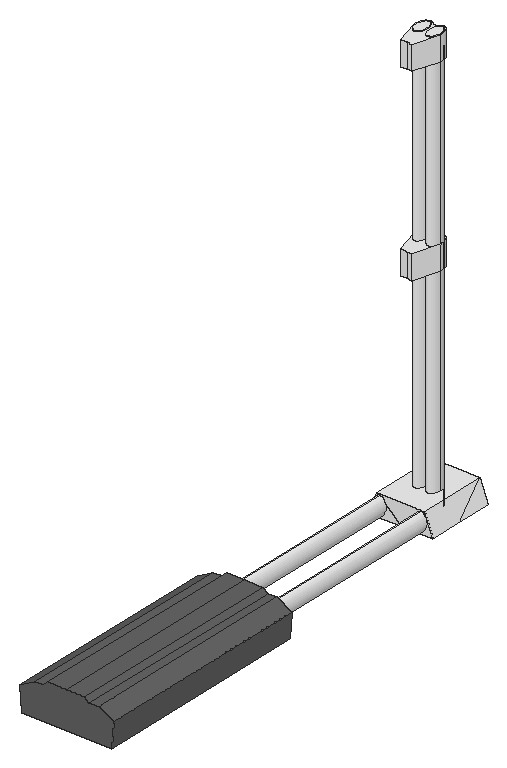
Revit family "LWplc_Latchwaysplc_BaluAndGuardSym_VersiRail_Folding", category Railings, host Face, Revit 2013
Parameters (values of type "BalustradeAndGuardingSystem_VersiRailFolding_StraightStraight_Latchwaysplc")
  WarrantyStartDate [instance] = "1900-12-31T23:59:59"
  WarrantyGuarantorParts = "n/a"
  WarrantyGuarantorLabor = "n/a"
  WarrantyDurationUnit = "year"
  WarrantyDurationParts = "n/a"
  WarrantyDurationLabor = "n/a"
  WarrantyDescription = "n/a"
  Version = "1"  # constant formula
  Uniclass2 = "Ss_25_15_60_05"
  URL = "www.latchways.com"
  Type Comments = "n/a"
  TagNumber [instance] = "n/a"
  SustainabilityPerformance = "n/a"
  SupportMaterial = LWplc_Latchwaysplc_Aluminium_Polished
  StraightUpright = yes
  StraightLeg = yes
  Size = "235 x 1310 x 1150 mm"
  Shape = "n/a"
  ServiceLifeDuration = "n/a"
  SerialNumber [instance] = "n/a"
  RightLeg = no
  Revision = "n/a"
  ReplacementCost = "n/a"
  Reference = "n/a"
  RailMaterial = LWplc_Latchwaysplc_Aluminium_Polished
  RailAngle = 90.00°
  ProductInformation = "www.latchways.com/BIM/Latchways_FreestandingFoldingStraightVersiRail_Datasheet.pdf"
  NominalWidth = 253 mm
  NominalLength = 1310 mm
  NominalHeight = 1150 mm
  Name = "BalustradeAndGuardingSystem_VersiRailFolding_StraightStraight_Latchwaysplc"
  NBSReference = "25-25-10/110"
  NBSNote = "n/a"
  NBSDescription = "Balustrade and guarding system"
  ModelReference = "VersiRail - Straight Freestanding Foldable assembly"
  ModelNumber = "22304-00+22080-01"
  Model = "22304-00+22080-01"
  Material = "Handrails & Uprights: Aluminium; Counterweight: Concrete filled HDPE with UV protection"
  ManufacturerURL = "www.latchways.com"
  ManufacturerName = "Latchways plc"
  Manufacturer = "info@latchways.com"
  LeftLeg = no
  IsExternal = yes
  InstallationDate [instance] = "1900-12-31T23:59:59"
  InclinedUpright = no
  IfcExportType = "IfcRailing"  # constant formula
  IfcExportAs = "GUARDRAIL"  # constant formula
  Height = 1150 mm
  Grade = "n/a"
  Finish = "n/a"
  Features = "n/a"
  ExpectedLife = "n/a"
  DurationUnit = "year"
  Diameter = 40 mm
  Description = "Latchways ManSafe® for Roofing, using VersiRail"
  Default Elevation = 1219.2 mm
  CurvedUpright = no
  CounterWeightMaterial = LWplc_Latchwaysplc_Plastic_VersiRailWeight
  Constituents = "n/a"
  Color = "n/a"
  CodePerformance = "n/a"
  Category = "n/a"
  BarCode [instance] = "n/a"
  BIMObjectName = "LWplc_Latchwaysplc_BalustradeAndGuardingSystem_VersiRailFolding_StraightStraight"
  Author = "Latchways plc"  # constant formula
  AssetType = "Movable"
  AssetIdentifier [instance] = "n/a"
  AccessibilityPerformance = "n/a"
Types (10, lengths in mm): name | StraightUpright | StraightLeg | RightLeg | Name | ModelNumber | Model | LeftLeg | InclinedUpright | CurvedUpright | CounterWeightMaterial | BIMObjectName
  (no name) | yes | yes | no | "BalustradeAndGuardingSystem_VersiRailFolding_StraightStraight_Latchwaysplc" | "22304-00+22080-01" | "22304-00+22080-01" | no | no | no | LWplc_Latchwaysplc_Plastic_VersiRailWeight | "LWplc_Latchwaysplc_BalustradeAndGuardingSystem_VersiRailFolding_StraightStraight"
  BalustradeAndGuardingSystem_VersiRailFolding_CurvedLeft_Latchwaysplc | no | no | no | "BalustradeAndGuardingSystem_VersiRailFolding_CurvedLeft_Latchwaysplc" | "22303-00+22080-01" | "22303-00+22080-01" | yes | no | yes | LWplc_Latchwaysplc_VersiRailWeight | "LWplc_Latchwaysplc_BalustradeAndGuardingSystem_VersiRailFolding_CurvedLeft"
  BalustradeAndGuardingSystem_VersiRailFolding_CurvedRight_Latchwaysplc | no | no | yes | "BalustradeAndGuardingSystem_VersiRailFolding_CurvedRight_Latchwaysplc" | "22304-00+22080-01" | "22304-00+22080-01" | no | no | yes | LWplc_Latchwaysplc_VersiRailWeight | "LWplc_Latchwaysplc_BalustradeAndGuardingSystem_VersiRailFolding_CurvedRight"
  BalustradeAndGuardingSystem_VersiRailFolding_CurvedStraight_Latchwaysplc | no | yes | no | "BalustradeAndGuardingSystem_VersiRailFolding_CurvedStraight_Latchwaysplc" | "22303-00+22080-01" | "22303-00+22080-01" | no | no | yes | LWplc_Latchwaysplc_VersiRailWeight | "LWplc_Latchwaysplc_BalustradeAndGuardingSystem_VersiRailFolding_CurvedStraight"
  BalustradeAndGuardingSystem_VersiRailFolding_InclinedLeft_Latchwaysplc | no | no | no | "BalustradeAndGuardingSystem_VersiRailFolding_InclinedLeft_Latchwaysplc" | "22303-00+22080-01" | "22303-00+22080-01" | yes | yes | no | LWplc_Latchwaysplc_VersiRailWeight | "LWplc_Latchwaysplc_BalustradeAndGuardingSystem_VersiRailFolding_InclinedLeft"
  BalustradeAndGuardingSystem_VersiRailFolding_InclinedRight_Latchwaysplc | no | no | yes | "BalustradeAndGuardingSystem_VersiRailFolding_InclinedRight_Latchwaysplc" | "22304-00+22080-01" | "22304-00+22080-01" | no | yes | no | LWplc_Latchwaysplc_VersiRailWeight | "LWplc_Latchwaysplc_BalustradeAndGuardingSystem_VersiRailFolding_InclinedRight"
  BalustradeAndGuardingSystem_VersiRailFolding_InclinedStraight_Latchwaysplc | no | yes | no | "BalustradeAndGuardingSystem_VersiRailFolding_InclinedStraight_Latchwaysplc" | "22303-00+22080-01" | "22303-00+22080-01" | no | yes | no | LWplc_Latchwaysplc_VersiRailWeight | "LWplc_Latchwaysplc_BalustradeAndGuardingSystem_VersiRailFolding_InclinedStraight"
  BalustradeAndGuardingSystem_VersiRailFolding_StraightLeft_Latchwaysplc | yes | no | no | "BalustradeAndGuardingSystem_VersiRailFolding_StraightLeft_Latchwaysplc" | "22303-00+22080-01" | "22303-00+22080-01" | yes | no | no | LWplc_Latchwaysplc_VersiRailWeight | "LWplc_Latchwaysplc_BalustradeAndGuardingSystem_VersiRailFolding_StraightLeft"
  BalustradeAndGuardingSystem_VersiRailFolding_StraightRight_Latchwaysplc | yes | no | yes | "BalustradeAndGuardingSystem_VersiRailFolding_StraightRight_Latchwaysplc" | "22304-00+22080-01" | "22304-00+22080-01" | no | no | no | LWplc_Latchwaysplc_VersiRailWeight | "LWplc_Latchwaysplc_BalustradeAndGuardingSystem_VersiRailFolding_StraightRight"
  BalustradeAndGuardingSystem_VersiRailFolding_StraightStraight_Latchwaysplc | yes | yes | no | "BalustradeAndGuardingSystem_VersiRailFolding_StraightStraight_Latchwaysplc" | "22304-00+22080-01" | "22304-00+22080-01" | no | no | no | LWplc_Latchwaysplc_Plastic_VersiRailWeight | "LWplc_Latchwaysplc_BalustradeAndGuardingSystem_VersiRailFolding_StraightStraight"
Reference planes
  plane 1 "Center (Front/Back)": y = 0
  plane 2: z = 0
  plane 3 "Center (Left/Right)": x = 0
Forms (mm)
  Blend 1, solid, material "LWplc_Latchwaysplc_Aluminium_Polished" <- "SupportMaterial"
    base sketch origin (-1219.2, 0, 0) x (1, 0, 0) y (0, 1, 0)
      loop
        line (1219.2, -93) -> (1305.2, -93) -> (1305.2, 0) -> (1305.2, 93) -> (1254.2, 111) -> (1219.2, 111) -> (1184.2, 111) -> (1133.2, 93) -> (1133.2, 0) -> (1133.2, -93) -> (1219.2, -93)
    top sketch origin (-1219.2, 0, 0) x (1, 0, 0) y (0, 1, 0)
      loop
        line (1154.4, 93.2) -> (1154.4, -93) -> (1284, -93) -> (1284, 93.2) -> (1219.2, 93.2) -> (1154.4, 93.2)
    from 0 to 58.3
  Extrusion 2, solid, material "LWplc_Latchwaysplc_Aluminium_Polished" <- "SupportMaterial", visible <- "StraightLeg"
    sketch origin (0, 0, 0) x (1, 0, 0) y (0, 0, 1)
      loop
        spline (-54.9, 55) -> (-58.705, 54.182) -> (-62.25, 51.785) -> (-65.294, 47.971) -> (-67.631, 43) -> (-69.099, 37.212) -> (-69.6, 31) -> (-69.099, 24.788) -> (-67.631, 19) -> (-65.294, 14.029) -> (-62.25, 10.215) -> (-58.705, 7.818) -> (-54.9, 7)
        spline (-54.9, 7) -> (-51.095, 7.818) -> (-47.55, 10.215) -> (-44.506, 14.029) -> (-42.169, 19) -> (-40.701, 24.788) -> (-40.2, 31) -> (-40.701, 37.212) -> (-42.169, 43) -> (-44.506, 47.971) -> (-47.55, 51.785) -> (-51.095, 54.182) -> (-54.9, 55)
      loop
        spline (54.9, 55) -> (51.095, 54.182) -> (47.55, 51.785) -> (44.506, 47.971) -> (42.169, 43) -> (40.701, 37.212) -> (40.2, 31) -> (40.701, 24.788) -> (42.169, 19) -> (44.506, 14.029) -> (47.55, 10.215) -> (51.095, 7.818) -> (54.9, 7)
        spline (54.9, 7) -> (58.705, 7.818) -> (62.25, 10.215) -> (65.294, 14.029) -> (67.631, 19) -> (69.099, 24.788) -> (69.6, 31) -> (69.099, 37.212) -> (67.631, 43) -> (65.294, 47.971) -> (62.25, 51.785) -> (58.705, 54.182) -> (54.9, 55)
    from 93 to 946
  Sweep 3, solid, material "LWplc_Latchwaysplc_Aluminium_Polished" <- "SupportMaterial", visible <- "LeftLeg"
    path origin (-2.5, 0, 0) x (1, 0, 0) y (0, 1, 0)
      loop
        arc (40.056, -82.888) -> (61.188, -180.833) -> (120.984, -261.233) r 236.461
        line (120.984, -261.233) -> (375, -515.249)
    profile origin (58.688, -180.833, 0) x (0.910632, 0.413219, 0) y (0, 0, 1)
      loop
        spline (17.303, 55) -> (13.86, 54.182) -> (10.653, 51.785) -> (7.898, 47.971) -> (5.784, 43) -> (4.456, 37.212) -> (4.003, 31) -> (4.456, 24.788) -> (5.784, 19) -> (7.898, 14.029) -> (10.653, 10.215) -> (13.86, 7.818) -> (17.303, 7)
        spline (17.303, 7) -> (20.745, 7.818) -> (23.953, 10.215) -> (26.707, 14.029) -> (28.821, 19) -> (30.149, 24.788) -> (30.603, 31) -> (30.149, 37.212) -> (28.821, 43) -> (26.707, 47.971) -> (23.953, 51.785) -> (20.745, 54.182) -> (17.303, 55)
  Sweep 4, solid, material "LWplc_Latchwaysplc_Aluminium_Polished" <- "SupportMaterial", visible <- "LeftLeg"
    path origin (-114.659, 0, 0) x (1, 0, 0) y (0, 1, 0)
      loop
        arc (40.056, -82.888) -> (61.188, -180.833) -> (120.984, -261.233) r 236.461
        line (120.984, -261.233) -> (375, -515.249)
    profile origin (-53.471, -180.833, 0) x (0.910632, 0.413219, 0) y (0, 0, 1)
      loop
        spline (17.303, 55) -> (13.86, 54.182) -> (10.653, 51.785) -> (7.898, 47.971) -> (5.784, 43) -> (4.456, 37.212) -> (4.003, 31) -> (4.456, 24.788) -> (5.784, 19) -> (7.898, 14.029) -> (10.653, 10.215) -> (13.86, 7.818) -> (17.303, 7)
        spline (17.303, 7) -> (20.745, 7.818) -> (23.953, 10.215) -> (26.707, 14.029) -> (28.821, 19) -> (30.149, 24.788) -> (30.603, 31) -> (30.149, 37.212) -> (28.821, 43) -> (26.707, 47.971) -> (23.953, 51.785) -> (20.745, 54.182) -> (17.303, 55)
  Sweep 5, solid, material "LWplc_Latchwaysplc_Aluminium_Polished" <- "SupportMaterial", visible <- "RightLeg"
    path origin (2.5, 0, 0) x (-1, 0, 0) y (0, 1, 0)
      loop
        arc (40.056, -82.888) -> (61.188, -180.833) -> (120.984, -261.233) r 236.461
        line (120.984, -261.233) -> (375, -515.249)
    profile origin (-58.688, -180.833, 0) x (0.910632, -0.413219, 0) y (0, 0, 1)
      loop
        spline (-17.303, 55) -> (-20.745, 54.182) -> (-23.953, 51.785) -> (-26.707, 47.971) -> (-28.821, 43) -> (-30.149, 37.212) -> (-30.603, 31) -> (-30.149, 24.788) -> (-28.821, 19) -> (-26.707, 14.029) -> (-23.953, 10.215) -> (-20.745, 7.818) -> (-17.303, 7)
        spline (-17.303, 7) -> (-13.86, 7.818) -> (-10.653, 10.215) -> (-7.898, 14.029) -> (-5.784, 19) -> (-4.456, 24.788) -> (-4.003, 31) -> (-4.456, 37.212) -> (-5.784, 43) -> (-7.898, 47.971) -> (-10.653, 51.785) -> (-13.86, 54.182) -> (-17.303, 55)
  Sweep 6, solid, material "LWplc_Latchwaysplc_Aluminium_Polished" <- "SupportMaterial", visible <- "RightLeg"
    path origin (114.659, 0, 0) x (-1, 0, 0) y (0, 1, 0)
      loop
        arc (40.056, -82.888) -> (61.188, -180.833) -> (120.984, -261.233) r 236.461
        line (120.984, -261.233) -> (375, -515.249)
    profile origin (53.471, -180.833, 0) x (0.910632, -0.413219, 0) y (0, 0, 1)
      loop
        spline (-17.303, 55) -> (-20.745, 54.182) -> (-23.953, 51.785) -> (-26.707, 47.971) -> (-28.821, 43) -> (-30.149, 37.212) -> (-30.603, 31) -> (-30.149, 24.788) -> (-28.821, 19) -> (-26.707, 14.029) -> (-23.953, 10.215) -> (-20.745, 7.818) -> (-17.303, 7)
        spline (-17.303, 7) -> (-13.86, 7.818) -> (-10.653, 10.215) -> (-7.898, 14.029) -> (-5.784, 19) -> (-4.456, 24.788) -> (-4.003, 31) -> (-4.456, 37.212) -> (-5.784, 43) -> (-7.898, 47.971) -> (-10.653, 51.785) -> (-13.86, 54.182) -> (-17.303, 55)
Lines and regions (mm)
  reference lines
    curve 1: line (0, 0, 0) -> (0, -1300, 0)
    curve 2: line (0, 0, 0) -> (0, 0, 1260)
  symbolic lines, style "Projected Supports"
    curve 3: line (0, -12.422, 106.415) -> (0, -1060.451, 387.234)
    curve 4: line (0, -1060.451, 387.234) -> (0, -1059.415, 391.101)
    curve 5: line (0, -1059.415, 391.101) -> (0, -1122.2, 407.924)
    curve 6: line (0, -1122.2, 407.924) -> (0, -1148.662, 309.166)
    curve 7: line (0, -1148.662, 309.166) -> (0, -1085.877, 292.343)
    curve 8: line (0, -12.422, 106.415) -> (0, -25.314, 58.3)
    curve 9: line (0, -25.314, 58.3) -> (0, -585.551, 208.415)
    curve 10: line (0, -572.659, 256.53) -> (0, -598.084, 161.64)
    curve 11: line (0, -598.084, 161.64) -> (0, -660.87, 178.463)
    curve 12: line (0, -660.87, 178.463) -> (0, -635.444, 273.353)
    curve 13: line (0, -648.44, 224.85) -> (0, -1073.448, 338.73)
    curve 14: line (0, -1060.451, 387.234) -> (0, -1085.877, 292.343)
    curve 15: arc (0, -73.238, 1127.5) -> (0, -696.681, 924.58) -> (0, -1088.478, 398.888) r 1081.966
    curve 16: arc (0, -73.238, 622.5) -> (0, -389.245, 520.799) -> (0, -599.177, 263.636) r 585.558
    curve 17: line (0, -73.238, 1127.5) -> (0, 0, 1127.5)
    curve 18: line (0, -73.238, 622.5) -> (0, 0, 622.5)
    curve 19: line (0, -604.051, 264.942) -> (0, -629.477, 170.051)
    curve 20: line (0, -1088.478, 398.888) -> (0, -1114.94, 300.131)
Dimensions and locks
  "RailAngle": angle curve 1 to curve 2
  aligned and locked: plane 2 to host face
  aligned and locked: level to host face
  aligned and locked: Extrusion 2 to Blend 1
Automatic sketch dimensions
  host sketch curve to host sketch curve = 2439.2 mm
  host sketch curve to host sketch curve = 3060.661 mm
  plane 1 "Center (Front/Back)" to Blend 1 sketch curve = 0 mm  (x2)
  Blend 1 sketch curve to plane 3 "Center (Left/Right)" = 0 mm  (x3)
  plane 1 "Center (Front/Back)" to Blend 1 sketch curve = 93 mm  (x2)
  Blend 1 sketch curve to plane 3 "Center (Left/Right)" = 35 mm
  Blend 1 sketch curve to plane 3 "Center (Left/Right)" = 86 mm
  Blend 1 sketch curve to Blend 1 sketch curve = 35 mm
  Blend 1 sketch curve to Blend 1 sketch curve = 51 mm
  Blend 1 sketch curve to plane 1 "Center (Front/Back)" = 93 mm  (x2)
  Blend 1 sketch curve to Blend 1 sketch curve = 18 mm
  Blend 1 sketch curve to plane 3 "Center (Left/Right)" = 64.8 mm
  Blend 1 sketch curve to Blend 1 sketch curve = 64.8 mm
  Blend 1 sketch curve to plane 1 "Center (Front/Back)" = 93.2 mm
  Extrusion 2 sketch curve to plane 3 "Center (Left/Right)" = 54.9 mm
  plane 3 "Center (Left/Right)" to Extrusion 2 sketch curve = 54.9 mm
  level to Extrusion 2 sketch curve = 31 mm  (x2)
  Extrusion 2 sketch curve to Extrusion 2 sketch curve = 24 mm  (x2)
  plane 3 "Center (Left/Right)" to Sweep 3 sketch curve = 118.484 mm
  plane 1 "Center (Front/Back)" to Sweep 3 sketch curve = 261.233 mm
  plane 3 "Center (Left/Right)" to Sweep 3 sketch curve = 37.556 mm
  plane 1 "Center (Front/Back)" to Sweep 3 sketch curve = 83.123 mm
  Sweep 3 sketch curve to Sweep 3 sketch curve = 236.461 mm
  Sweep 3 sketch curve to Sweep 3 sketch curve = 254.016 mm  (x2)
  Sweep 3 sketch curve to profile plane = 17.303 mm
  level to Sweep 3 sketch curve = 31 mm
  Sweep 3 sketch curve to Sweep 3 sketch curve = 24 mm
  plane 3 "Center (Left/Right)" to Sweep 4 sketch curve = 6.325 mm
  plane 1 "Center (Front/Back)" to Sweep 4 sketch curve = 261.233 mm
  Sweep 4 sketch curve to plane 3 "Center (Left/Right)" = 74.603 mm
  plane 1 "Center (Front/Back)" to Sweep 4 sketch curve = 83.123 mm
  plane 3 "Center (Left/Right)" to Sweep 4 sketch curve = 161.858 mm
  plane 3 "Center (Left/Right)" to Sweep 4 sketch curve = 260.341 mm
  Sweep 4 sketch curve to Sweep 4 sketch curve = 254.016 mm
  Sweep 4 sketch curve to profile plane = 17.303 mm
  level to Sweep 4 sketch curve = 31 mm
  Sweep 4 sketch curve to Sweep 4 sketch curve = 24 mm
  plane 3 "Center (Left/Right)" to Sweep 5 sketch curve = 118.484 mm
  Sweep 5 sketch curve to plane 1 "Center (Front/Back)" = 261.233 mm
  plane 3 "Center (Left/Right)" to Sweep 5 sketch curve = 37.556 mm
  Sweep 5 sketch curve to plane 1 "Center (Front/Back)" = 83.123 mm
  Sweep 5 sketch curve to Sweep 5 sketch curve = 155.533 mm
  Sweep 5 sketch curve to Sweep 5 sketch curve = 254.016 mm  (x2)
  profile plane to Sweep 5 sketch curve = 17.303 mm
  level to Sweep 5 sketch curve = 31 mm
  Sweep 5 sketch curve to Sweep 5 sketch curve = 24 mm
  plane 3 "Center (Left/Right)" to Sweep 6 sketch curve = 6.325 mm
  Sweep 6 sketch curve to plane 1 "Center (Front/Back)" = 261.233 mm
  Sweep 6 sketch curve to plane 3 "Center (Left/Right)" = 74.603 mm
  Sweep 6 sketch curve to plane 1 "Center (Front/Back)" = 83.123 mm
  plane 3 "Center (Left/Right)" to Sweep 6 sketch curve = 161.858 mm
  plane 3 "Center (Left/Right)" to Sweep 6 sketch curve = 260.341 mm
  Sweep 6 sketch curve to Sweep 6 sketch curve = 254.016 mm
  profile plane to Sweep 6 sketch curve = 17.303 mm
  level to Sweep 6 sketch curve = 31 mm
  Sweep 6 sketch curve to Sweep 6 sketch curve = 24 mm
  plane 1 "Center (Front/Back)" to curve 8 = 25.314 mm
  level to curve 8 = 58.3 mm
  plane 1 "Center (Front/Back)" to curve 8 = 12.422 mm
  curve 18 to plane 1 "Center (Front/Back)" = 0 mm
  curve 17 to plane 1 "Center (Front/Back)" = 0 mm
  curve 8 to curve 8 = 48.115 mm
  level to curve 10 = 161.64 mm
  curve 10 to curve 12 = 16.823 mm
  level to curve 7 = 292.343 mm
  curve 7 to curve 7 = 16.823 mm
  curve 7 to curve 4 = 94.891 mm
  curve 3 to curve 4 = 3.867 mm
  plane 1 "Center (Front/Back)" to curve 18 = 73.238 mm
  plane 1 "Center (Front/Back)" to curve 17 = 73.238 mm
  level to curve 16 = 37.11 mm
  curve 16 to curve 15 = 8.45 mm
  curve 19 to curve 11 = 8.412 mm
  curve 10 to curve 9 = 46.776 mm
  curve 11 to curve 13 = 46.387 mm
  curve 16 to curve 19 = 1.306 mm
  curve 7 to curve 20 = 7.787 mm
  curve 15 to curve 20 = 0 mm
  curve 16 to curve 15 = 6.621 mm
  level to curve 18 = 622.5 mm
  curve 2 to level = 0 mm
  curve 2 to plane 1 "Center (Front/Back)" = 0 mm
Nested families
  nested 1: "LWplc_VersiRail_CounterWeight" at (0, -617.5, 0), visible <- "StraightLeg", type "LWplc_VersiRail_CounterWeight"
  nested 2: "LWplc_VersiRail_CounterWeight" at (134.405, -301.595, 0) x (0.7071, 0.7071, 0) z (0, 0, 1), visible <- "LeftLeg", type "LWplc_VersiRail_CounterWeight"
  nested 3: "LWplc_VersiRail_CounterWeight" at (-134.405, -301.595, 0) x (-0.7071, 0.7071, 0) z (0, 0, 1), visible <- "RightLeg", type "LWplc_VersiRail_CounterWeight"
  nested 4: "LWplc_VersiRail_StraightUpright" at (0.525, -21.338, 0), visible <- "StraightUpright", type "LWplc_VersiRail_StraightUpright"
    with PostBaseGap 10 mm
  nested 5: "LWplc_VersiRail_InclinedUpright" at (1.22, 25.051, 0) x (-1, 0, 0) z (0, 0, 1), visible <- "InclinedUpright", type "LWplc_VersiRail_InclinedUpright"
    with PostBaseGap 10 mm
  nested 6: "LWplc_VersiRail_CurvedUpright" at (0.301, 3.305, 0) x (-1, 0, 0) z (0, 0, 1), visible <- "CurvedUpright", type "LWplc_VersiRail_CurvedUpright"
    with PostBaseGap 10 mm
Definition of nested family "LWplc_VersiRail_CounterWeight"
  Parameters (values of type "LWplc_VersiRail_CounterWeight")
    Default Elevation = 1219.2 mm
    CounterWeightWidth = 252 mm
    CounterWeightMaterial = LWplc_Latchwaysplc_Plastic_VersiRailWeight
    CounterWeightLength = 600 mm
    CounterWeightHeight = 100 mm
  Reference planes
    plane 1 "Center (Front/Back)": y = 0
    plane 2: z = 0
    plane 3 "Center (Left/Right)": x = 0
    plane 4: y = -600
    plane 5: x = -126
    plane 6: x = 126
    plane 7: x = -85.5
    plane 8: x = 85.5
    plane 9: x = -60.6
    plane 10: x = 60.6
    plane 11: x = -49.5
    plane 12: x = 49.5
    plane 13: z = 66.8
    plane 14: z = 88.9
    plane 15: z = 100
  Forms (mm)
    Extrusion 1, solid
      sketch origin (0, 0, 0) x (1, 0, 0) y (0, 1, 0)
        loop
          line (-1219.2, 1219.2) -> (-1219.2, -1219.2) -> (1219.2, -1219.2) -> (1219.2, 1219.2) -> (-1219.2, 1219.2)
      from 0 to -304.8
    Extrusion 2, solid, material "LWplc_Latchwaysplc_Plastic_VersiRailWeight" <- "CounterWeightMaterial", detail levels medium+fine
      sketch origin (0, 0, 0) x (1, 0, 0) y (0, 0, 1)
        loop
          line (0, 0) -> (120.3, 0) -> (126, 66.8) -> (85.5, 88.9) -> (60.6, 88.9) -> (49.5, 100) -> (0, 100) -> (-49.5, 100) -> (-60.6, 88.9) -> (-85.5, 88.9) -> (-126, 66.8) -> (-120.3, 0) -> (0, 0)
      from 0 to 600
    Extrusion 3, solid, material "LWplc_Latchwaysplc_Plastic_VersiRailWeight" <- "CounterWeightMaterial", detail levels coarse
      sketch origin (0, 0, 0) x (1, 0, 0) y (0, 0, 1)
        loop
          line (-126, 100) -> (-126, 0) -> (126, 0) -> (126, 100) -> (-126, 100)
      from 0 to 600
  Lines and regions (mm)
    model lines, detail levels fine
      curve 1: circle (0, -43.7, 100) r 25 normal (0, 0, 1)
      curve 2: circle (0, -143.7, 100) r 25 normal (0, 0, 1)
  Dimensions and locks
    "CounterWeightLength": plane 1 "Center (Front/Back)" to plane 4
    equal spacing: plane 5, plane 3 "Center (Left/Right)", plane 6
    "CounterWeightWidth": plane 6 to plane 5
    locked: plane 15 to plane 14 at 11.1
    "CounterWeightHeight": plane 15 to plane 2
    locked: plane 14 to plane 13 at 22.1
    aligned and locked: plane 2 to Extrusion 1
    aligned and locked: level to Extrusion 1
    aligned and locked: Extrusion 2 to plane 4
    aligned and locked: plane 15 to Extrusion 2
    aligned and locked: plane 5 to Extrusion 2 sketch curve
    aligned and locked: plane 6 to Extrusion 2 sketch curve
    aligned and locked: plane 14 to Extrusion 2  (x2)
    aligned and locked: Extrusion 3 sketch curve to plane 15
    aligned and locked: plane 5 to Extrusion 3 sketch curve
    aligned and locked: level to Extrusion 3 sketch curve
    aligned and locked: plane 6 to Extrusion 3 sketch curve
    aligned and locked: Extrusion 3 to plane 1 "Center (Front/Back)"
    aligned and locked: Extrusion 3 to plane 4
  Automatic sketch dimensions
    Extrusion 1 sketch curve to Extrusion 1 sketch curve = 2438.4 mm  (x2)
    Extrusion 2 sketch curve to level = 0 mm
    Extrusion 2 sketch curve to plane 7 = 0 mm
    plane 9 to Extrusion 2 sketch curve = 0 mm
    Extrusion 2 sketch curve to plane 11 = 0 mm
    Extrusion 2 sketch curve to plane 3 "Center (Left/Right)" = 0 mm  (x2)
    plane 12 to Extrusion 2 sketch curve = 0 mm
    Extrusion 2 sketch curve to plane 10 = 0 mm
    plane 8 to Extrusion 2 sketch curve = 0 mm
    Extrusion 2 sketch curve to plane 13 = 0 mm  (x2)
    Extrusion 2 sketch curve to plane 14 = 0 mm  (x2)
    Extrusion 2 sketch curve to plane 15 = 0 mm
    plane 5 to Extrusion 2 sketch curve = 5.7 mm
    plane 6 to Extrusion 2 sketch curve = 5.7 mm
    curve 1 to Extrusion 2 = 0 mm
    curve 2 to Extrusion 2 = 0 mm
    Extrusion 2 to curve 1 = 43.7 mm
    curve 1 to curve 2 = 100 mm
    radius of curve 1 = 25 mm
    radius of curve 2 = 25 mm
Definition of nested family "LWplc_VersiRail_StraightUpright"
  Parameters (values of type "LWplc_VersiRail_StraightUpright")
    RailMaterial = LWplc_Latchwaysplc_Aluminium_Polished
    PostBaseGap [instance] = 10 mm
    Heightof Post = 1150 mm
    Default Elevation = 1219.2 mm
  Reference planes
    plane 1 "Center (Front/Back)": y = 0
    plane 2: z = 0
    plane 3 "Center (Left/Right)": x = 0
    plane 4: z = 10
    plane 5: z = 1160
    plane 6: z = 1095
    plane 7: z = 655
    plane 8: z = 590
    plane 9: z = 1050
    plane 10: z = 622.5
    plane 11: y = -26.25
    plane 12: z = 1127.5
  Forms (mm)
    Extrusion 1, solid
      sketch origin (0, 0, 0) x (1, 0, 0) y (0, 1, 0)
        loop
          line (-1219.2, 1219.2) -> (-1219.2, -1219.2) -> (1219.2, -1219.2) -> (1219.2, 1219.2) -> (-1219.2, 1219.2)
      from 0 to -304.8
    Extrusion 2, solid, material "LWplc_Latchwaysplc_Aluminium_Polished" <- "RailMaterial", detail levels medium+fine
      sketch origin (0, 108.1, 590) x (1, 0, 0) y (0, 1, 0)
        loop
          line (0, -160) -> (15, -160) -> (36.16, -90.929)
          spline (36.16, -90.929) -> (36.327, -85.309) -> (35.805, -79.744) -> (34.612, -74.442) -> (32.795, -69.604) -> (30.42, -65.412) -> (27.579, -62.024) -> (24.376, -59.566) -> (20.934, -58.132) -> (17.382, -57.775) -> (13.852, -58.509) -> (10.479, -60.307) -> (7.389, -63.1)
          line (7.389, -63.1) -> (-7.389, -63.1)
          spline (-7.389, -63.1) -> (-10.479, -60.307) -> (-13.852, -58.509) -> (-17.382, -57.775) -> (-20.934, -58.132) -> (-24.376, -59.566) -> (-27.579, -62.024) -> (-30.42, -65.412) -> (-32.795, -69.604) -> (-34.612, -74.442) -> (-35.805, -79.744) -> (-36.327, -85.309) -> (-36.16, -90.929)
          line (-36.16, -90.929) -> (-15, -160) -> (0, -160)
      from 0 to 65
    Extrusion 3, solid, material "LWplc_Latchwaysplc_Aluminium_Polished" <- "RailMaterial"
      sketch origin (0, -2.821, 0) x (1, 0, 0) y (0, 1, 0)
        loop
          spline (-32.35, 24.159) -> (-31.861, 17.688) -> (-30.428, 11.659) -> (-28.147, 6.481) -> (-25.175, 2.508) -> (-21.714, 0.011) -> (-18, -0.841) -> (-14.286, 0.011) -> (-10.825, 2.508) -> (-7.853, 6.481) -> (-5.573, 11.659) -> (-4.139, 17.688) -> (-3.65, 24.159)
          spline (-3.65, 24.159) -> (-4.139, 30.629) -> (-5.573, 36.659) -> (-7.853, 41.837) -> (-10.825, 45.81) -> (-14.286, 48.307) -> (-18, 49.159) -> (-21.714, 48.307) -> (-25.175, 45.81) -> (-28.147, 41.837) -> (-30.428, 36.659) -> (-31.861, 30.629) -> (-32.35, 24.159)
        loop
          spline (32.35, 24.159) -> (31.861, 30.629) -> (30.428, 36.659) -> (28.147, 41.837) -> (25.175, 45.81) -> (21.714, 48.307) -> (18, 49.159) -> (14.286, 48.307) -> (10.825, 45.81) -> (7.853, 41.837) -> (5.573, 36.659) -> (4.139, 30.629) -> (3.65, 24.159)
          spline (3.65, 24.159) -> (4.139, 17.688) -> (5.573, 11.659) -> (7.853, 6.481) -> (10.825, 2.508) -> (14.286, 0.011) -> (18, -0.841) -> (21.714, 0.011) -> (25.175, 2.508) -> (28.147, 6.481) -> (30.428, 11.659) -> (31.861, 17.688) -> (32.35, 24.159)
      from 10 to 1160
    Extrusion 4, solid, material "LWplc_Latchwaysplc_Aluminium_Polished" <- "RailMaterial", detail levels medium+fine
      sketch origin (0, 108.1, 1090) x (1, 0, 0) y (0, 1, 0)
        loop
          line (0, -160) -> (15, -160) -> (36.16, -90.929)
          spline (36.16, -90.929) -> (36.327, -85.309) -> (35.805, -79.744) -> (34.612, -74.442) -> (32.795, -69.604) -> (30.42, -65.412) -> (27.579, -62.024) -> (24.376, -59.566) -> (20.934, -58.132) -> (17.382, -57.775) -> (13.852, -58.509) -> (10.479, -60.307) -> (7.389, -63.1)
          line (7.389, -63.1) -> (-7.389, -63.1)
          spline (-7.389, -63.1) -> (-10.479, -60.307) -> (-13.852, -58.509) -> (-17.382, -57.775) -> (-20.934, -58.132) -> (-24.376, -59.566) -> (-27.579, -62.024) -> (-30.42, -65.412) -> (-32.795, -69.604) -> (-34.612, -74.442) -> (-35.805, -79.744) -> (-36.327, -85.309) -> (-36.16, -90.929)
          line (-36.16, -90.929) -> (-15, -160) -> (0, -160)
      from 5 to 70
  Lines and regions (mm)
    model lines, detail levels coarse
      curve 1: circle (0, -26.25, 622.5) r 20 normal (1, 0, 0)
      curve 2: circle (0, -26.25, 1127.5) r 20 normal (1, 0, 0)
  Dimensions and locks
    locked: plane 7 to plane 8 at 65
    "Heightof Post": plane 5 to plane 4
    locked: plane 5 to plane 6 at 65
    "PostBaseGap": plane 4 to plane 2
    locked: plane 10 to plane 7 at 32.5
    locked: plane 1 "Center (Front/Back)" to plane 11 at 26.25
    locked: plane 5 to plane 12 at 32.5
    aligned and locked: plane 2 to Extrusion 1
    aligned and locked: level to Extrusion 1
    aligned and locked: Extrusion 3 to plane 4
    aligned and locked: plane 5 to Extrusion 3
    aligned and locked: plane 7 to Extrusion 2
    aligned and locked: Extrusion 2 to plane 8
    aligned and locked: Extrusion 4 to Extrusion 3
    aligned and locked: Extrusion 4 to plane 6
    aligned and locked: plane 5 to Extrusion 4
    aligned and locked: plane 10 to curve 1
    aligned and locked: plane 11 to curve 1
    aligned and locked: plane 12 to curve 2
    aligned and locked: plane 11 to curve 2
  Automatic sketch dimensions
    Extrusion 1 sketch curve to Extrusion 1 sketch curve = 2438.4 mm  (x2)
    Extrusion 2 sketch curve to plane 3 "Center (Left/Right)" = 0 mm
    plane 11 to Extrusion 2 sketch curve = 25.65 mm
    Extrusion 2 sketch curve to plane 3 "Center (Left/Right)" = 7.389 mm
    Extrusion 2 sketch curve to plane 3 "Center (Left/Right)" = 15 mm
    Extrusion 2 sketch curve to plane 3 "Center (Left/Right)" = 36.16 mm
    plane 3 "Center (Left/Right)" to Extrusion 2 sketch curve = 7.389 mm
    Extrusion 2 sketch curve to Extrusion 2 sketch curve = 15 mm
    plane 3 "Center (Left/Right)" to Extrusion 2 sketch curve = 36.16 mm
    Extrusion 2 sketch curve to plane 3 "Center (Left/Right)" = 18 mm
    Extrusion 2 sketch curve to plane 3 "Center (Left/Right)" = 0.35 mm
    plane 3 "Center (Left/Right)" to Extrusion 2 sketch curve = 0.35 mm
    Extrusion 2 sketch curve to Extrusion 2 sketch curve = 17.65 mm
    Extrusion 2 sketch curve to plane 1 "Center (Front/Back)" = 17.171 mm  (x2)
    Extrusion 2 sketch curve to Extrusion 2 sketch curve = 27.829 mm
    Extrusion 3 sketch curve to plane 3 "Center (Left/Right)" = 32.35 mm
    Extrusion 3 sketch curve to Extrusion 3 sketch curve = 14.35 mm  (x2)
    plane 3 "Center (Left/Right)" to Extrusion 3 sketch curve = 3.65 mm
    Extrusion 3 sketch curve to plane 1 "Center (Front/Back)" = 21.338 mm  (x2)
    Extrusion 4 sketch curve to plane 3 "Center (Left/Right)" = 0 mm
    plane 11 to Extrusion 4 sketch curve = 25.65 mm
    Extrusion 4 sketch curve to plane 3 "Center (Left/Right)" = 7.389 mm
    Extrusion 4 sketch curve to plane 3 "Center (Left/Right)" = 15 mm
    Extrusion 4 sketch curve to plane 3 "Center (Left/Right)" = 36.16 mm
    plane 3 "Center (Left/Right)" to Extrusion 4 sketch curve = 7.389 mm
    Extrusion 4 sketch curve to Extrusion 4 sketch curve = 15 mm
    plane 3 "Center (Left/Right)" to Extrusion 4 sketch curve = 36.16 mm
    Extrusion 4 sketch curve to plane 3 "Center (Left/Right)" = 18 mm
    Extrusion 4 sketch curve to plane 3 "Center (Left/Right)" = 0.35 mm
    plane 3 "Center (Left/Right)" to Extrusion 4 sketch curve = 0.35 mm
    Extrusion 4 sketch curve to Extrusion 4 sketch curve = 17.65 mm
    Extrusion 4 sketch curve to plane 1 "Center (Front/Back)" = 17.171 mm  (x2)
    Extrusion 4 sketch curve to Extrusion 4 sketch curve = 27.829 mm
    radius of curve 1 = 20 mm
    radius of curve 2 = 20 mm
Definition of nested family "LWplc_VersiRail_InclinedUpright"
  Parameters (values of type "LWplc_VersiRail_InclinedUpright")
    RailMaterial = LWplc_Latchwaysplc_Aluminium_Polished
    PostExtention = Heightof Post - 640 mm  # 510 mm
    PostBaseGap [instance] = 10 mm
    Heightof Post = 1150 mm
    Default Elevation = 1150 mm
  Reference planes
    plane 1 "Center (Front/Back)": y = 0
    plane 2: z = 0
    plane 3 "Center (Left/Right)": x = 0
    plane 4: z = 10
  Forms (mm)
    Extrusion 1, solid
      sketch origin (0, 0, 0) x (1, 0, 0) y (0, 1, 0)
        loop
          line (-1219.2, 1219.2) -> (-1219.2, -1219.2) -> (1219.2, -1219.2) -> (1219.2, 1219.2) -> (-1219.2, 1219.2)
      from 0 to -304.8
    Sweep 2, solid, material "LWplc_Latchwaysplc_Aluminium_Polished" <- "RailMaterial"
      path origin (0.683, 0.704, 0) x (0, 1, 0) y (0, 0, 1)
        loop
          line (0, 10) -> (0, 124)
          arc (0, 124) -> (25.09, 396.969) -> (99.52, 660.791) r 1497.436
          line (99.52, 660.791) -> (307.434, 1126.486)
      profile origin (0.683, 0.704, 67) x (0, -1, 0) y (1, 0, 0)
        loop
          spline (-24.159, -32.35) -> (-17.688, -31.861) -> (-11.659, -30.428) -> (-6.481, -28.147) -> (-2.508, -25.175) -> (-0.011, -21.714) -> (0.841, -18) -> (-0.011, -14.286) -> (-2.508, -10.825) -> (-6.481, -7.853) -> (-11.659, -5.573) -> (-17.688, -4.139) -> (-24.159, -3.65)
          spline (-24.159, -3.65) -> (-30.629, -4.139) -> (-36.659, -5.573) -> (-41.837, -7.853) -> (-45.81, -10.825) -> (-48.307, -14.286) -> (-49.159, -18) -> (-48.307, -21.714) -> (-45.81, -25.175) -> (-41.837, -28.147) -> (-36.659, -30.428) -> (-30.629, -31.861) -> (-24.159, -32.35)
        loop
          spline (-24.159, 32.35) -> (-30.629, 31.861) -> (-36.659, 30.428) -> (-41.837, 28.147) -> (-45.81, 25.175) -> (-48.307, 21.714) -> (-49.159, 18) -> (-48.307, 14.286) -> (-45.81, 10.825) -> (-41.837, 7.853) -> (-36.659, 5.573) -> (-30.629, 4.139) -> (-24.159, 3.65)
          spline (-24.159, 3.65) -> (-17.688, 4.139) -> (-11.659, 5.573) -> (-6.481, 7.853) -> (-2.508, 10.825) -> (-0.011, 14.286) -> (0.841, 18) -> (-0.011, 21.714) -> (-2.508, 25.175) -> (-6.481, 28.147) -> (-11.659, 30.428) -> (-17.688, 31.861) -> (-24.159, 32.35)
    Extrusion 3, solid, material "LWplc_Latchwaysplc_Aluminium_Polished" <- "RailMaterial", detail levels medium+fine
      sketch origin (0.683, 12.313, 602.504) x (1, 0, 0) y (0, 0.945519, -0.325568)
        loop
          line (0, 160) -> (-15, 160) -> (-36.16, 90.929)
          spline (-36.16, 90.929) -> (-36.327, 85.309) -> (-35.805, 79.744) -> (-34.612, 74.442) -> (-32.795, 69.604) -> (-30.42, 65.412) -> (-27.579, 62.024) -> (-24.376, 59.566) -> (-20.934, 58.132) -> (-17.382, 57.775) -> (-13.852, 58.509) -> (-10.479, 60.307) -> (-7.389, 63.1)
          line (-7.389, 63.1) -> (7.389, 63.1)
          spline (7.389, 63.1) -> (10.479, 60.307) -> (13.852, 58.509) -> (17.382, 57.775) -> (20.934, 58.132) -> (24.376, 59.566) -> (27.579, 62.024) -> (30.42, 65.412) -> (32.795, 69.604) -> (34.612, 74.442) -> (35.805, 79.744) -> (36.327, 85.309) -> (36.16, 90.929)
          line (36.16, 90.929) -> (15, 160) -> (0, 160)
      from 0 to 65
    Extrusion 4, solid, material "LWplc_Latchwaysplc_Aluminium_Polished" <- "RailMaterial", detail levels medium+fine
      sketch origin (-6.967, 323.906, 1119.446) x (1, 0, 0) y (0, 0.913127, -0.407676)
        loop
          line (7.262, 78.799) -> (-7.738, 78.799) -> (-28.898, 9.729)
          spline (-28.898, 9.729) -> (-29.066, 4.109) -> (-28.543, -1.457) -> (-27.351, -6.758) -> (-25.533, -11.596) -> (-23.159, -15.788) -> (-20.317, -19.177) -> (-17.115, -21.634) -> (-13.673, -23.069) -> (-10.12, -23.425) -> (-6.591, -22.691) -> (-3.217, -20.894) -> (-0.127, -18.101)
          line (-0.127, -18.101) -> (14.65, -18.101)
          spline (14.65, -18.101) -> (17.741, -20.894) -> (21.114, -22.691) -> (24.643, -23.425) -> (28.196, -23.069) -> (31.638, -21.634) -> (34.84, -19.177) -> (37.682, -15.788) -> (40.056, -11.596) -> (41.874, -6.758) -> (43.066, -1.457) -> (43.589, 4.109) -> (43.421, 9.729)
          line (43.421, 9.729) -> (22.262, 78.799) -> (7.262, 78.799)
      from 0 to -65
  Lines and regions (mm)
    model lines, detail levels coarse
      curve 1: circle (0, 361.015, 1067.805) r 20 normal (1, 0, 0)
      curve 2: circle (0, 153.399, 588.391) r 20 normal (1, 0, 0)
  Dimensions and locks
    "PostExtention": Sweep 2 sketch curve to Sweep 2 sketch curve
    locked: Extrusion 4 to curve 1 at 32.027
    locked: Extrusion 4 to curve 1 at 23.861
    locked: Extrusion 3 to curve 2 at 22.006
    locked: Extrusion 3 to curve 2 at 32.588
    locked: Sweep 2 sketch curve to level (angle 65.9411°)
    aligned and locked: plane 2 to Extrusion 1
    aligned and locked: level to Extrusion 1
  Automatic sketch dimensions
    Extrusion 1 sketch curve to Extrusion 1 sketch curve = 2438.4 mm  (x2)
    profile plane to Sweep 2 sketch curve = 24.159 mm
    Sweep 2 sketch curve to Sweep 2 sketch curve = 0 mm
    Sweep 2 sketch curve to profile plane = 32.35 mm
    Sweep 2 sketch curve to Sweep 2 sketch curve = 14.35 mm  (x2)
    profile plane to Sweep 2 sketch curve = 3.65 mm
    Extrusion 3 sketch curve to plane 3 "Center (Left/Right)" = 35.477 mm
    plane 3 "Center (Left/Right)" to Extrusion 3 sketch curve = 8.072 mm
    Extrusion 3 sketch curve to plane 3 "Center (Left/Right)" = 6.706 mm
    plane 3 "Center (Left/Right)" to Extrusion 3 sketch curve = 36.843 mm
    Extrusion 3 sketch curve to plane 3 "Center (Left/Right)" = 14.317 mm
    plane 3 "Center (Left/Right)" to Extrusion 3 sketch curve = 15.683 mm
    plane 3 "Center (Left/Right)" to Extrusion 3 sketch curve = 0.683 mm
    Extrusion 3 sketch curve to plane 3 "Center (Left/Right)" = 17.317 mm
    plane 3 "Center (Left/Right)" to Extrusion 3 sketch curve = 0.333 mm
    Extrusion 3 sketch curve to Extrusion 3 sketch curve = 0.7 mm
    Extrusion 3 sketch curve to Extrusion 3 sketch curve = 17.65 mm
    Extrusion 3 sketch curve to Extrusion 3 sketch curve = 27.829 mm
    Extrusion 3 sketch curve to Extrusion 3 sketch curve = 4.167 mm
    Extrusion 3 sketch curve to Extrusion 3 sketch curve = 69.071 mm
    Extrusion 4 sketch curve to Extrusion 4 sketch curve = 21.16 mm
    Extrusion 4 sketch curve to Extrusion 4 sketch curve = 28.771 mm  (x2)
    Extrusion 4 sketch curve to Extrusion 4 sketch curve = 15 mm  (x2)
    Extrusion 4 sketch curve to Extrusion 4 sketch curve = 14.778 mm
    Extrusion 4 sketch curve to Extrusion 4 sketch curve = 18.16 mm
    Extrusion 4 sketch curve to Extrusion 4 sketch curve = 17.65 mm  (x2)
    Extrusion 4 sketch curve to Extrusion 4 sketch curve = 0.7 mm
    Extrusion 4 sketch curve to Extrusion 4 sketch curve = 27.829 mm
    Extrusion 4 sketch curve to Extrusion 4 sketch curve = 4.167 mm
    Extrusion 4 sketch curve to Extrusion 4 sketch curve = 69.071 mm
    Sweep 2 sketch curve to plane 1 "Center (Front/Back)" = 0.704 mm
    plane 4 to Sweep 2 sketch curve = 114 mm
    Sweep 2 sketch curve to plane 4 = 0 mm
    Sweep 2 sketch curve to plane 1 "Center (Front/Back)" = 100.224 mm
    Sweep 2 sketch curve to Sweep 2 sketch curve = 1497.436 mm
    radius of curve 1 = 20 mm
    radius of curve 2 = 20 mm
Definition of nested family "LWplc_VersiRail_CurvedUpright"
  Parameters (values of type "LWplc_VersiRail_CurvedUpright")
    RailMaterial = LWplc_Latchwaysplc_Aluminium_Polished
    RadiusofPost = Heightof Post + 344 mm  # 1494 mm
    PostBaseGap [instance] = 10 mm
    Heightof Post = 1150 mm
    Default Elevation = 1219.2 mm
  Reference planes
    plane 1 "Center (Front/Back)": y = 0
    plane 2: z = 0
    plane 3 "Center (Left/Right)": x = 0
    plane 4: z = 10
  Forms (mm)
    Extrusion 1, solid
      sketch origin (0, 0, 0) x (1, 0, 0) y (0, 1, 0)
        loop
          line (-1219.2, 1219.2) -> (-1219.2, -1219.2) -> (1219.2, -1219.2) -> (1219.2, 1219.2) -> (-1219.2, 1219.2)
      from 0 to -304.8
    Sweep 2, solid, material "LWplc_Latchwaysplc_Aluminium_Polished" <- "RailMaterial"
      path origin (-0.149, -45.183, 0) x (0, 1, 0) y (0, 0, 1)
        loop
          line (24.159, 10) -> (24.159, 125)
          arc (24.159, 125) -> (139.38, 700.33) -> (467.271, 1186.918) r 1494
      profile origin (-0.149, -21.024, 67.5) x (0, -1, 0) y (1, 0, 0)
        loop
          spline (-24.159, -32.35) -> (-17.688, -31.861) -> (-11.659, -30.428) -> (-6.481, -28.147) -> (-2.508, -25.175) -> (-0.011, -21.714) -> (0.841, -18) -> (-0.011, -14.286) -> (-2.508, -10.825) -> (-6.481, -7.853) -> (-11.659, -5.573) -> (-17.688, -4.139) -> (-24.159, -3.65)
          spline (-24.159, -3.65) -> (-30.629, -4.139) -> (-36.659, -5.573) -> (-41.837, -7.853) -> (-45.81, -10.825) -> (-48.307, -14.286) -> (-49.159, -18) -> (-48.307, -21.714) -> (-45.81, -25.175) -> (-41.837, -28.147) -> (-36.659, -30.428) -> (-30.629, -31.861) -> (-24.159, -32.35)
        loop
          spline (-24.159, 32.35) -> (-30.629, 31.861) -> (-36.659, 30.428) -> (-41.837, 28.147) -> (-45.81, 25.175) -> (-48.307, 21.714) -> (-49.159, 18) -> (-48.307, 14.286) -> (-45.81, 10.825) -> (-41.837, 7.853) -> (-36.659, 5.573) -> (-30.629, 4.139) -> (-24.159, 3.65)
          spline (-24.159, 3.65) -> (-17.688, 4.139) -> (-11.659, 5.573) -> (-6.481, 7.853) -> (-2.508, 10.825) -> (-0.011, 14.286) -> (0.841, 18) -> (-0.011, 21.714) -> (-2.508, 25.175) -> (-6.481, 28.147) -> (-11.659, 30.428) -> (-17.688, 31.861) -> (-24.159, 32.35)
    Extrusion 3, solid, material "LWplc_Latchwaysplc_Aluminium_Polished" <- "RailMaterial", detail levels medium+fine
      sketch origin (-0.149, -10.449, 602.504) x (1, 0, 0) y (0, 0.945519, -0.325568)
        loop
          line (0, 160) -> (-15, 160) -> (-36.16, 90.929)
          spline (-36.16, 90.929) -> (-36.327, 85.309) -> (-35.805, 79.744) -> (-34.612, 74.442) -> (-32.795, 69.604) -> (-30.42, 65.412) -> (-27.579, 62.024) -> (-24.376, 59.566) -> (-20.934, 58.132) -> (-17.382, 57.775) -> (-13.852, 58.509) -> (-10.479, 60.307) -> (-7.389, 63.1)
          line (-7.389, 63.1) -> (7.389, 63.1)
          spline (7.389, 63.1) -> (10.479, 60.307) -> (13.852, 58.509) -> (17.382, 57.775) -> (20.934, 58.132) -> (24.376, 59.566) -> (27.579, 62.024) -> (30.42, 65.412) -> (32.795, 69.604) -> (34.612, 74.442) -> (35.805, 79.744) -> (36.327, 85.309) -> (36.16, 90.929)
          line (36.16, 90.929) -> (15, 160) -> (0, 160)
      from 0 to 65
    Extrusion 4, solid, material "LWplc_Latchwaysplc_Aluminium_Polished" <- "RailMaterial", detail levels medium+fine
      sketch origin (-0.149, 349.822, 1259.942) x (1, 0, 0) y (0, 0.703406, -0.710788)
        loop
          line (0, 198.932) -> (-15, 198.932) -> (-36.16, 129.861)
          spline (-36.16, 129.861) -> (-36.327, 124.241) -> (-35.805, 118.676) -> (-34.612, 113.374) -> (-32.795, 108.536) -> (-30.42, 104.344) -> (-27.579, 100.956) -> (-24.376, 98.498) -> (-20.934, 97.064) -> (-17.382, 96.707) -> (-13.852, 97.442) -> (-10.479, 99.239) -> (-7.389, 102.032)
          line (-7.389, 102.032) -> (7.389, 102.032)
          spline (7.389, 102.032) -> (10.479, 99.239) -> (13.852, 97.442) -> (17.382, 96.707) -> (20.934, 97.064) -> (24.376, 98.498) -> (27.579, 100.956) -> (30.42, 104.344) -> (32.795, 108.536) -> (34.612, 113.374) -> (35.805, 118.676) -> (36.327, 124.241) -> (36.16, 129.861)
          line (36.16, 129.861) -> (15, 198.932) -> (0, 198.932)
      from -65 to 0
  Lines and regions (mm)
    model lines, detail levels coarse
      curve 1: circle (0, 449.976, 1112.31) r 20 normal (1, 0, 0)
      curve 2: circle (0, 128.651, 588.374) r 20 normal (1, 0, 0)
  Dimensions and locks
    locked: Extrusion 4 to Extrusion 4 at 65
    "PostBaseGap": plane 4 to plane 2
    locked: Extrusion 4 to curve 1 at 23.548
    locked: Extrusion 4 to curve 1 at 32.343
    locked: Extrusion 3 to curve 2 at 23.878
    locked: Extrusion 3 to curve 2 at 31.926
    "RadiusofPost": radius of Sweep 2 sketch curve
    locked: Sweep 2 sketch curve to Sweep 2 sketch curve (angle 45.2991°)
    aligned and locked: plane 2 to Extrusion 1
    aligned and locked: level to Extrusion 1
    aligned and locked: Extrusion 4 to Sweep 2
    aligned and locked: plane 4 to Sweep 2 sketch curve
  Automatic sketch dimensions
    Extrusion 1 sketch curve to Extrusion 1 sketch curve = 2438.4 mm  (x2)
    plane 1 "Center (Front/Back)" to Sweep 2 sketch curve = 21.024 mm
    plane 4 to Sweep 2 sketch curve = 115 mm
    profile plane to Sweep 2 sketch curve = 24.159 mm
    Sweep 2 sketch curve to Sweep 2 sketch curve = 0 mm
    Sweep 2 sketch curve to profile plane = 32.35 mm
    Sweep 2 sketch curve to Sweep 2 sketch curve = 14.35 mm  (x2)
    profile plane to Sweep 2 sketch curve = 3.65 mm
    Extrusion 3 sketch curve to plane 3 "Center (Left/Right)" = 36.309 mm
    plane 3 "Center (Left/Right)" to Extrusion 3 sketch curve = 7.24 mm
    Extrusion 3 sketch curve to plane 3 "Center (Left/Right)" = 7.538 mm
    plane 3 "Center (Left/Right)" to Extrusion 3 sketch curve = 36.011 mm
    Extrusion 3 sketch curve to plane 3 "Center (Left/Right)" = 15.149 mm
    plane 3 "Center (Left/Right)" to Extrusion 3 sketch curve = 14.851 mm
    Extrusion 3 sketch curve to plane 3 "Center (Left/Right)" = 0.149 mm
    Extrusion 3 sketch curve to plane 3 "Center (Left/Right)" = 18.149 mm
    Extrusion 3 sketch curve to plane 3 "Center (Left/Right)" = 0.499 mm
    plane 3 "Center (Left/Right)" to Extrusion 3 sketch curve = 0.201 mm
    Extrusion 3 sketch curve to Extrusion 3 sketch curve = 17.65 mm
    Extrusion 3 sketch curve to Extrusion 3 sketch curve = 27.829 mm
    Extrusion 3 sketch curve to Extrusion 3 sketch curve = 4.167 mm
    Extrusion 3 sketch curve to Extrusion 3 sketch curve = 69.071 mm
    Extrusion 4 sketch curve to Extrusion 4 sketch curve = 21.16 mm
    Extrusion 4 sketch curve to Extrusion 4 sketch curve = 28.771 mm  (x2)
    Extrusion 4 sketch curve to Extrusion 4 sketch curve = 15 mm  (x2)
    Extrusion 4 sketch curve to Extrusion 4 sketch curve = 14.778 mm
    Extrusion 4 sketch curve to Extrusion 4 sketch curve = 18.16 mm
    Extrusion 4 sketch curve to Extrusion 4 sketch curve = 17.65 mm  (x2)
    Extrusion 4 sketch curve to Extrusion 4 sketch curve = 0.7 mm
    Extrusion 4 sketch curve to Extrusion 4 sketch curve = 27.829 mm
    Extrusion 4 sketch curve to Extrusion 4 sketch curve = 4.167 mm
    Extrusion 4 sketch curve to Extrusion 4 sketch curve = 69.071 mm
    radius of curve 1 = 20 mm
    radius of curve 2 = 20 mm
